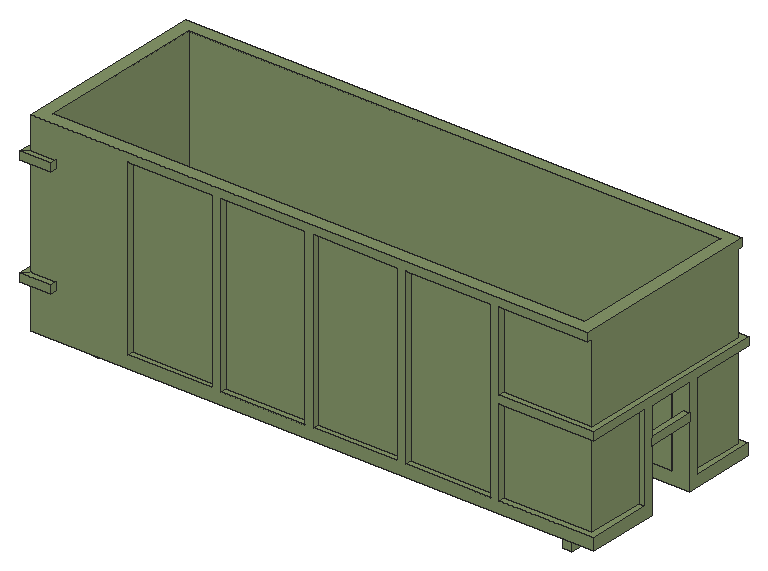
Revit family
Parameters (values of type "배수 컨테이너")
  Assembly Code = ""
Reference planes
  plane 1 "중심(앞/뒤)": y = 0
  plane 2: z = 0
  plane 3 "중심(왼쪽/오른쪽)": x = 0
  plane 4: z = 101.6
  plane 5: x = 7010.4
  plane 6: z = 2540
  plane 7: y = 2438.4
  plane 8: z = 254
  plane 9: z = 1397
  plane 10: x = 6248.4
  plane 11: y = 1676.4
  plane 12: y = 762
  plane 13: x = 5842
  plane 14: x = 4673.6
  plane 15: x = 3505.2
  plane 16: x = 2336.8
  plane 17: x = 1168.4
  plane 18: z = 1346.2
  plane 19: y = 1219.2
  plane 20: z = 1727.2
  plane 21: z = 914.4
  plane 22: y = 152.4
Forms (mm)
  Extrusion 1, solid, material "금속 - 페인트 마감 - 녹색, 짙음"
    sketch origin (0, 0, 101.6) x (0, -1, 0) y (-1, 0, 0)
      loop
        line (-2438.4, 0) -> (-2438.4, -7086.6) -> (0, -7086.6) -> (0, 0) -> (-2438.4, 0)
    from 0 to -2438.4
  Extrusion 2, void
    sketch origin (0, 0, 2540) x (0, -1, 0) y (-1, 0, 0)
      loop
        line (-2286, -152.4) -> (-2286, -6858) -> (-152.4, -6858) -> (-152.4, -152.4) -> (-2286, -152.4)
    from 0 to 2286
  Extrusion 3, solid, material "금속 - 페인트 마감 - 녹색, 짙음"
    sketch origin (0, 0, 254) x (1, 0, 0) y (0, -1, 0)
      loop
        line (6858, -1676.4) -> (6858, -762) -> (6248.4, -762) -> (6248.4, -1676.4) -> (6858, -1676.4)
    from 0 to -1193.8
  Extrusion 4, void
    sketch origin (0, 0, 101.6) x (-1, 0, 0) y (0, -1, 0)
      loop
        line (-7086.6, -1524) -> (-6400.8, -1524) -> (-6400.8, -914.4) -> (-7086.6, -914.4) -> (-7086.6, -1524)
    from 0 to 1244.6
  Extrusion 5, void
    sketch origin (0, 2438.4, 0) x (-1, 0, 0) y (0, 0, 1)
      loop
        line (-1219.2, 254) -> (-1219.2, 2438.4) -> (-2286, 2438.4) -> (-2286, 254) -> (-1219.2, 254)
      loop
        line (-3454.4, 254) -> (-2387.6, 254) -> (-2387.6, 2438.4) -> (-3454.4, 2438.4) -> (-3454.4, 254)
      loop
        line (-3556, 254) -> (-3556, 2438.4) -> (-4622.8, 2438.4) -> (-4622.8, 254) -> (-3556, 254)
      loop
        line (-5791.2, 254) -> (-4724.4, 254) -> (-4724.4, 2438.4) -> (-5791.2, 2438.4) -> (-5791.2, 254)
      loop
        line (-5892.8, 254) -> (-5892.8, 1346.2) -> (-7010.4, 1346.2) -> (-7010.4, 254) -> (-5892.8, 254)
      loop
        line (-5892.8, 2438.4) -> (-7010.4, 2438.4) -> (-7010.4, 1447.8) -> (-5892.8, 1447.8) -> (-5892.8, 2438.4)
    from 0 to -76.2
  Extrusion 6, void
    sketch origin (7010.4, 0, 0) x (0, 0, 1) y (0, -1, 0)
      loop
        line (2540, -2438.4) -> (2540, 0) -> (1447.8, 0) -> (1447.8, -2438.4) -> (2540, -2438.4)
      loop
        line (1346.2, -2438.4) -> (1346.2, -1625.6) -> (254, -1625.6) -> (254, -2438.4) -> (1346.2, -2438.4)
      loop
        line (1346.2, 0) -> (254, 0) -> (254, -812.8) -> (1346.2, -812.8) -> (1346.2, 0)
    from 0 to 304.8
  Extrusion 7, void
    sketch origin (0, 0, 0) x (-1, 0, 0) y (0, 0, -1)
      loop
        line (-1219.2, -254) -> (-2286, -254) -> (-2286, -2438.4) -> (-1219.2, -2438.4) -> (-1219.2, -254)
      loop
        line (-3454.4, -254) -> (-3454.4, -2438.4) -> (-2387.6, -2438.4) -> (-2387.6, -254) -> (-3454.4, -254)
      loop
        line (-3556, -254) -> (-4622.8, -254) -> (-4622.8, -2438.4) -> (-3556, -2438.4) -> (-3556, -254)
      loop
        line (-5791.2, -254) -> (-5791.2, -2438.4) -> (-4724.4, -2438.4) -> (-4724.4, -254) -> (-5791.2, -254)
      loop
        line (-5892.8, -254) -> (-7010.4, -254) -> (-7010.4, -1346.2) -> (-5892.8, -1346.2) -> (-5892.8, -254)
      loop
        line (-5892.8, -2438.4) -> (-5892.8, -1447.8) -> (-7010.4, -1447.8) -> (-7010.4, -2438.4) -> (-5892.8, -2438.4)
    from 0 to -76.2
  Extrusion 8, solid, material "금속 - 페인트 마감 - 녹색, 짙음"
    sketch origin (7010.4, 0, 0) x (0, 0, -1) y (0, -1, 0)
      loop
        line (-990.6, -1524) -> (-889, -1524) -> (-889, -914.4) -> (-990.6, -914.4) -> (-990.6, -1524)
    from 0 to -76.2
  Sweep 9, solid, material "금속 - 페인트 마감 - 녹색, 짙음"
    path origin (0, 0, 1727.2) x (1, 0, 0) y (0, 1, 0)
      loop
        line (0, 304.8) -> (0, 0) -> (304.8, 0)
    profile origin (0, 152.4, 1727.2) x (1, 0, 0) y (0, 0, 1)
      loop
        line (0, -1066.8) -> (0, -965.2) -> (-76.2, -965.2) -> (-76.2, -1066.8) -> (0, -1066.8)
      loop
        line (0, 406.4) -> (-76.2, 406.4) -> (-76.2, 304.8) -> (0, 304.8) -> (0, 406.4)
  Sweep 10, solid, material "금속 - 페인트 마감 - 녹색, 짙음"
    path origin (0, 2438.4, 1727.2) x (1, 0, 0) y (0, 1, 0)
      loop
        line (0, -304.8) -> (0, 0) -> (304.8, 0)
    profile origin (0, 2286, 1727.2) x (-1, 0, 0) y (0, 0, 1)
      loop
        line (0, -1066.8) -> (76.2, -1066.8) -> (76.2, -965.2) -> (0, -965.2) -> (0, -1066.8)
      loop
        line (0, 406.4) -> (0, 304.8) -> (76.2, 304.8) -> (76.2, 406.4) -> (0, 406.4)
  Extrusion 11, solid, material "금속 - 페인트 마감 - 녹색, 짙음"
    sketch origin (0, 152.4, 0) x (0, 0, -1) y (1, 0, 0)
      loop
        line (-102.407, 860.591) -> (-102.407, 590.732)
        arc (-102.407, 590.732) -> (1.096, 725.662) -> (-102.407, 860.591) r 139.7
    from 25.4 to -254
  Extrusion 12, solid, material "금속 - 페인트 마감 - 녹색, 짙음"
    sketch origin (0, 2286, 0) x (0, 0, -1) y (-1, 0, 0)
      loop
        arc (-102.407, -860.591) -> (1.096, -725.662) -> (-102.407, -590.732) r 139.7
        line (-102.407, -590.732) -> (-102.407, -860.591)
    from 25.4 to -254
  Extrusion 13, solid, material "금속 - 페인트 마감 - 녹색, 짙음"
    sketch origin (0, 152.4, 0) x (0, 0, -1) y (1, 0, 0)
      loop
        line (-101.6, 6817.985) -> (-101.6, 6696.508) -> (0, 6696.508) -> (0, 6817.985) -> (-101.6, 6817.985)
    from 0 to 152.4
  Extrusion 14, solid, material "금속 - 페인트 마감 - 녹색, 짙음"
    sketch origin (0, 2286, 0) x (0, 0, -1) y (-1, 0, 0)
      loop
        line (-101.6, -6817.985) -> (0, -6817.985) -> (0, -6696.508) -> (-101.6, -6696.508) -> (-101.6, -6817.985)
    from 0 to 152.4
Cuts and joins
  Extrusion 2, Extrusion 4, Extrusion 5, Extrusion 6, Extrusion 7 cuts Extrusion 1
  Extrusion 4, Extrusion 5, Extrusion 6 cuts Extrusion 3
Dimensions and locks
  locked: plane 6 to plane 4 at 2438.4
  plane 17 to plane 3 "중심(왼쪽/오른쪽)" = 1168.4 mm
  equal spacing: plane 5, plane 13, plane 14, plane 15, plane 16, plane 17, plane 3 "중심(왼쪽/오른쪽)"
  Extrusion 6 sketch curve to cut or joined group of Extrusion 1, Extrusion 2, Extrusion 4, Extrusion 5, Extrusion 6, Extrusion 7 = 101.6 mm
  equal spacing: plane 1 "중심(앞/뒤)", plane 19, plane 7
  equal spacing: plane 4, plane 21, plane 20, plane 6
  aligned and locked: Extrusion 1 to plane 6
  aligned and locked: plane 4 to Extrusion 1
  aligned and locked: Extrusion 2 to plane 6
